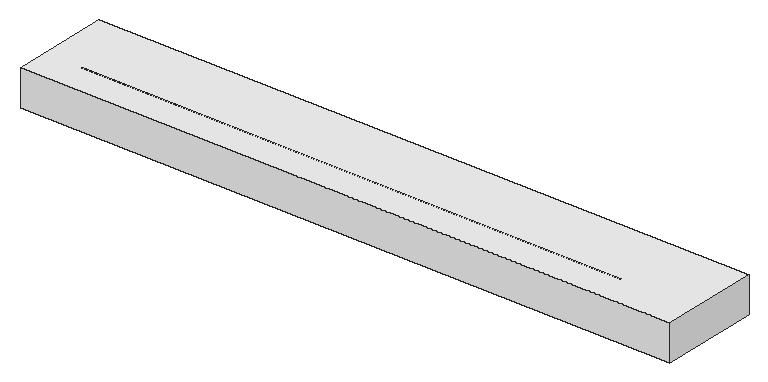
Revit family "Netto LED - Generic", category Lighting Fixtures, Revit 2014
Parameters (values of type "Netto LED")
  Wattage Comments = ""
  WarrantyGuarantorParts = "n/a"
  WarrantyDurationParts = "n/a"
  WarrantyDescription = "n/a"
  Visible [instance] = yes
  Version = "v.1.0"
  Uniclass2 = "Pr_70_70_49_43 Light-Emitting Diode (LED) Luminaires"
  Uniclass 1.4 = "JY73"
  URL = "http://riegens.com/netto-led"
  Type Mark = ""
  TotalWattage = "Max. 60W"
  TagNumber = "n/a"
  Switch ID [instance] = ""
  SustainabilityPerformance = "n/a"
  SupplyCircuitConductorConnections = "n/a"
  Size = "230 x 1530 x 85 mm"
  Shape = "Rectangle"
  ProductInformation = "http://riegens.com/netto-led"
  PhotometricPerformance = "In accordance with BS EN 13032-1"
  PhaseReference = "IEC recommendations"
  Panel [instance] = ""
  Optic = "Direct: White steel reflector and opal diffuser"
  OmniClass Title = "Luminaries for Internal Lighting"
  OmniClass Number = "23.80.70.11"
  NominalVoltage = "220-240V"
  Moves With Nearby Elements [instance] = no
  ModelReference = "Netto LED"
  Model = "Netto LED"
  Material = "Steel and Acrylic (PMMA)"
  Mark [instance] = "1"
  ManufacturersSpecificInformation = "n/a"
  ManufacturerURL = "www.riegens.com"
  Manufacturer = "Riegens A/S"
  LuminaireType = "Direct LED Luminaire"
  LuminairePowerFactor = ">0,9"
  LightSource = "LED 3000K (4000K on request)"
  LightFixturePlacingType = "Ceiling"
  LightFixtureMountingType = "Surface"
  Light Source Symbol Size = 609.6 mm
  Light Source Definition (family) = "Line+HemiSpherical"
  LampType = "LED"
  LampRating = "55W"
  LampColourRenderingIndex = "Ra>80 (Ra>90 on request)"
  Lamp = ""
  InternalFuse = "Only required in emergency versions"
  InsulationStandardClass = "Class 1"
  IfcExportType = "NOTDEFINED'"
  IfcExportAs = "IfcLightFixtureType'"
  IP_Code = "IP20"
  Height 1 = 85 mm
  HasProtectiveEarth = "TRUE"
  Grade = "n/a"
  Frame Width = 1530 mm
  Frame Depth = 230 mm
  Finish = "Powder coated"
  Features = "n/a"
  Emit from Line Length = 1500 mm
  Electrical Data [instance] = ""
  Documentation = "See URL hyperlink"
  DocumentReference = "See URL hyperlink"
  Description = "70-80-35 General Lighting Systems"
  ControlGearPosition = "Integrated "
  Constituents = "n/a"
  Comments [instance] = ""
  Colour = "White"
  built-in parameter 1114216 [instance] = (empty or 0)
  CodePerformance = "n/a"
  Circuit Number [instance] = ""
  built-in parameter 1140040 [instance] = (empty or 0)
  CCSTopnode = "L"
  CCSClassName = "Belysningsarmatur"
  CCSClassCode = "UAC"
  BarCode = "n/a"
  BallastsCELMAEnergyEfficiencyIndex = "Class A1/A2"
  BSAB 96 = "SNB.2"
  BIMObjectName = "Netto LED.rfa"
  Author = "3dbyggeri"
  AssetType = "Moveable/Fixed"
  AssetIdentifier = "n/a"
  Assembly Description = ""
  Assembly Code = ""
  ArticleNumber = "See URL hyperlink"
  Apparent Load = 240 VA
  AccessibilityPerformance = "n/a"
Reference planes
  plane 1 "Center (Front/Back)": y = 0
  plane 2: z = 0
  plane 3 "Center (Left/Right)": x = 0
Dimensions and locks
  aligned and locked: level to plane 2
Nested families
  nested 1: "Netto LED - Ceiling based-Dummy" at (0, 0, 0), type "Standard"
Definition of nested family "Netto LED - Ceiling based-Dummy"
  Parameters (values of type "Standard")
    Wattage = 55 W
    built-in parameter 1150110 = 1 (stored number, unit not read)
    URL = ""
    built-in parameter 1114217 = 1 (stored number, unit not read)
    Tilt Angle = 90.00°
    built-in parameter 1150109 = 1 (stored number, unit not read)
    built-in parameter 1150134 = (empty or 0)
    built-in parameter 1150113 = 1 (stored number, unit not read)
    PhotometricPerformance = "In accordance with BS EN 13032-1"
    Photometric Web File = "Netto LED 55W 3000K Opal.ies"
    Optic = "Direct: White steel reflector and opal diffuser"
    Model = ""
    Material = "Steel and Acrylic (PMMA)"
    Manufacturer = ""
    Lumens = 7425 lm
    built-in parameter 1150115 = 1 (stored number, unit not read)
    built-in parameter 1150105 = 590.86 (stored number, unit not read)
    LightSource = "LED 3000K (4000K on request)"
    built-in parameter 1150137 = (empty or 0)
    built-in parameter 1150139 = (empty or 0)
    LampColourRenderingIndex = "Ra>80 (Ra>90 on request)"
    built-in parameter 1150112 = 1 (stored number, unit not read)
    built-in parameter 1150114 = 1 (stored number, unit not read)
    built-in parameter 1150132 = (empty or 0)
    built-in parameter 1150102 = (empty or 0)
    built-in parameter 1150138 = (empty or 0)
    built-in parameter 1150107 = 3000 (stored number, unit not read)
    built-in parameter 1150106 = 5.9086 (stored number, unit not read)
    Height 1 = 85 mm
    Frame Width = 1530 mm
    Frame Depth = 230 mm
    Frame = Riegens_Steel_Powder coated white RAL901025
    Finish = "Powder coated"
    built-in parameter 1150104 = 12.542 (stored number, unit not read)
    Dimming Lamp Color Temperature Shift = (empty or 0)
    Description = ""
    Colour = "White"
    Color Filter = 16777215
    built-in parameter 1114218 = 1 (stored number, unit not read)
    built-in parameter 1150133 = 10 (stored number, unit not read)
    Apparent Load = 240 VA
  Reference planes
    plane 1 "Light Source Axis (F/B)": y = 0
    plane 2 "Ceiling": z = 2438.4
    plane 3 "Light Source Axis (L/R)": x = 0
    plane 4 "Light Source Elevation": z = 2396.8
    plane 5: z = 2353.4
    plane 6: y = 115
    plane 7: y = -115
    plane 8: x = -765
    plane 9: x = 765
    plane 10: x = 739.25
    plane 11: x = -739.25
  Forms (mm)
    Extrusion 1, solid, material "Riegens_Steel_Powder coated white RAL901025" <- "Frame"
      sketch origin (0, 0, 0) x (0, 1, 0) y (0, 0, 1)
        loop
          line (115, 2438.4) -> (-115, 2438.4) -> (-115, 2353.4) -> (115, 2353.4) -> (115, 2438.4)
      from -765 to 765
    Extrusion 2, void
      sketch origin (0, 0, 0) x (0, 1, 0) y (0, 0, 1)
        loop
          line (110.29, 2333.4) -> (69.5, 2405.66) -> (61.7, 2405.66) -> (61.7, 2395.66)
          arc (61.7, 2395.66) -> (44.2, 2378.16) -> (26.7, 2395.66) r 17.5
          line (26.7, 2395.66) -> (26.7, 2405.66) -> (-26.7, 2405.66) -> (-26.7, 2395.66)
          arc (-26.7, 2395.66) -> (-44.2, 2378.16) -> (-61.7, 2395.66) r 17.5
          line (-61.7, 2395.66) -> (-61.7, 2405.66) -> (-69.5, 2405.66) -> (-110.29, 2333.4) -> (110.29, 2333.4)
      from -739.25 to 739.25
  Cuts and joins
    Extrusion 2 cuts Extrusion 1
  Dimensions and locks
    equal spacing: host sketch curve, plane 3 "Light Source Axis (L/R)", host sketch curve
    equal spacing: host sketch curve, plane 1 "Light Source Axis (F/B)", host sketch curve
    host sketch curve to host sketch curve = 3048 mm  (x2)
    "Height 1": plane 5 to plane 2 "Ceiling"
    "Frame Depth": plane 6 to plane 7
    "Frame Width": plane 9 to plane 8
    equal spacing: plane 9, plane 3 "Light Source Axis (L/R)", plane 8, locked at 765 each
    equal spacing: plane 6, plane 1 "Light Source Axis (F/B)", plane 7, locked at 115 each
    locked: Extrusion 2 sketch curve to plane 5 at 20
    locked: plane 11 to plane 8 at 25.75
    locked: plane 9 to plane 10 at 25.75
    aligned and locked: plane 3 "Light Source Axis (L/R)" to imposter light
    aligned and locked: plane 1 "Light Source Axis (F/B)" to imposter light
    aligned and locked: plane 4 "Light Source Elevation" to imposter light
    aligned and locked: plane 7 to Extrusion 1 sketch curve
    aligned and locked: Extrusion 1 sketch curve to plane 2 "Ceiling"
    aligned and locked: plane 6 to Extrusion 1 sketch curve
    aligned and locked: Extrusion 1 sketch curve to plane 5
    aligned and locked: Extrusion 1 to plane 8
    aligned and locked: plane 9 to Extrusion 1
    aligned and locked: plane 10 to cut or joined group of Extrusion 1, Extrusion 2
    aligned and locked: cut or joined group of Extrusion 1, Extrusion 2 to plane 11
  Automatic sketch dimensions
    plane 7 to Extrusion 2 sketch curve = 4.71 mm
    Extrusion 2 sketch curve to plane 4 "Light Source Elevation" = 8.86 mm  (x3)
    plane 7 to Extrusion 2 sketch curve = 45.5 mm
    plane 4 "Light Source Elevation" to Extrusion 2 sketch curve = 1.14 mm  (x2)
    Extrusion 2 sketch curve to Extrusion 2 sketch curve = 7.8 mm  (x2)
    plane 6 to Extrusion 2 sketch curve = 4.71 mm
    Extrusion 2 sketch curve to Extrusion 2 sketch curve = 17.5 mm  (x2)
    Extrusion 2 sketch curve to plane 1 "Light Source Axis (F/B)" = 26.7 mm
  Connectors
    electrical at (0, 0, 2438.4)
      settings: on cut or joined group of Extrusion 1, Extrusion 2, index 1, voltage 0 V, apparent load 0 VA, apparent load phase1 0 VA, apparent load phase2 0 VA, apparent load phase3 0 VA, power factor 1, load classification "Other", number of poles 1, system type 31, power factor state 1, is connector primary yes, connector utility no, sub classification motor no, connector description ""
